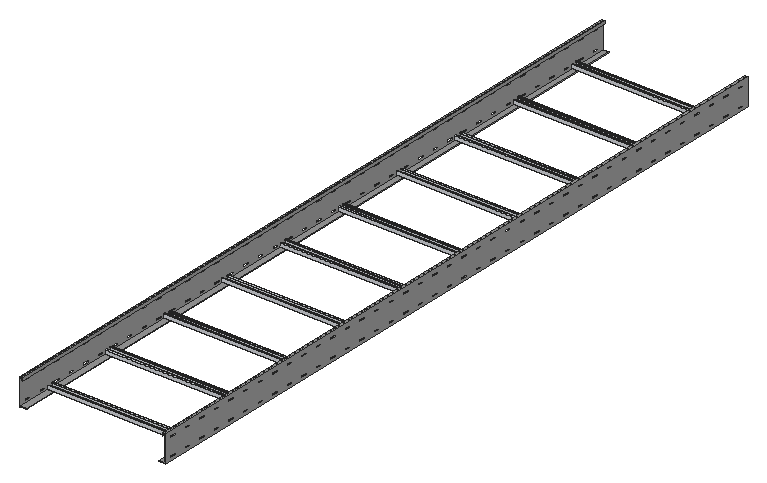
Revit family "Kabelleiter SLCS 1160 3 FTSO", category Generic Models, Revit 2017 (continued)
Dimensions and locks
  equal spacing: group 1, group 2, group 3, group 4, group 5, group 6, group 7, group 8, group 9, group 10, group 11, group 12, group 13, group 14, group 15, group 16, group 17, group 18, group 19, group 20, group 21, group 22, group 23, group 24, group 25, group 26, group 27, group 28, group 29, group 30, group 31, group 32, group 33, group 34, group 35, group 36, group 37, group 38, group 39  (x3)
  locked: Extrusion 11 sketch curve to Extrusion 11 sketch curve at 28
  locked: Extrusion 11 sketch curve to plane 41 at 14
  locked: Extrusion 11 sketch curve to Extrusion 11 sketch curve at 9
  locked: plane 40 to Extrusion 11 sketch curve at 4.5
  locked: Extrusion 12 sketch curve to Extrusion 12 sketch curve at 28
  locked: Extrusion 12 sketch curve to plane 43 at 14
  locked: Extrusion 12 sketch curve to Extrusion 12 sketch curve at 9
  locked: plane 42 to Extrusion 12 sketch curve at 4.5
  locked: Extrusion 13 sketch curve to Extrusion 13 sketch curve at 28
  locked: Extrusion 13 sketch curve to plane 45 at 14
  locked: Extrusion 13 sketch curve to Extrusion 13 sketch curve at 9
  locked: plane 44 to Extrusion 13 sketch curve at 4.5
  locked: Extrusion 14 sketch curve to Extrusion 14 sketch curve at 28
  locked: Extrusion 14 sketch curve to plane 47 at 14
  locked: Extrusion 14 sketch curve to Extrusion 14 sketch curve at 9
  locked: plane 46 to Extrusion 14 sketch curve at 4.5
  locked: Extrusion 15 sketch curve to Extrusion 15 sketch curve at 28
  locked: Extrusion 15 sketch curve to plane 49 at 14
  locked: Extrusion 15 sketch curve to Extrusion 15 sketch curve at 9
  locked: plane 48 to Extrusion 15 sketch curve at 4.5
  locked: Extrusion 16 sketch curve to Extrusion 16 sketch curve at 28
  locked: Extrusion 16 sketch curve to plane 51 at 14
  locked: Extrusion 16 sketch curve to Extrusion 16 sketch curve at 9
  locked: plane 50 to Extrusion 16 sketch curve at 4.5
  locked: Extrusion 17 sketch curve to Extrusion 17 sketch curve at 28
  locked: Extrusion 17 sketch curve to plane 53 at 14
  locked: Extrusion 17 sketch curve to Extrusion 17 sketch curve at 9
  locked: plane 52 to Extrusion 17 sketch curve at 4.5
  locked: Extrusion 18 sketch curve to Extrusion 18 sketch curve at 28
  locked: Extrusion 18 sketch curve to plane 55 at 14
  locked: Extrusion 18 sketch curve to Extrusion 18 sketch curve at 9
  locked: plane 54 to Extrusion 18 sketch curve at 4.5
  locked: Extrusion 19 sketch curve to Extrusion 19 sketch curve at 28
  locked: Extrusion 19 sketch curve to plane 57 at 14
  locked: Extrusion 19 sketch curve to Extrusion 19 sketch curve at 9
  locked: plane 56 to Extrusion 19 sketch curve at 4.5
  locked: Extrusion 20 sketch curve to Extrusion 20 sketch curve at 28
  locked: Extrusion 20 sketch curve to plane 59 at 14
  locked: Extrusion 20 sketch curve to Extrusion 20 sketch curve at 9
  locked: plane 58 to Extrusion 20 sketch curve at 4.5
  locked: Extrusion 21 sketch curve to Extrusion 21 sketch curve at 28
  locked: Extrusion 21 sketch curve to plane 61 at 14
  locked: Extrusion 21 sketch curve to Extrusion 21 sketch curve at 9
  locked: plane 60 to Extrusion 21 sketch curve at 4.5
  locked: Extrusion 22 sketch curve to Extrusion 22 sketch curve at 28
  locked: Extrusion 22 sketch curve to plane 63 at 14
  locked: Extrusion 22 sketch curve to Extrusion 22 sketch curve at 9
  locked: plane 62 to Extrusion 22 sketch curve at 4.5
  locked: Extrusion 23 sketch curve to Extrusion 23 sketch curve at 28
  locked: Extrusion 23 sketch curve to plane 65 at 14
  locked: Extrusion 23 sketch curve to Extrusion 23 sketch curve at 9
  locked: plane 64 to Extrusion 23 sketch curve at 4.5
  locked: Extrusion 24 sketch curve to Extrusion 24 sketch curve at 28
  locked: Extrusion 24 sketch curve to plane 67 at 14
  locked: Extrusion 24 sketch curve to Extrusion 24 sketch curve at 9
  locked: plane 66 to Extrusion 24 sketch curve at 4.5
  locked: Extrusion 25 sketch curve to Extrusion 25 sketch curve at 28
  locked: Extrusion 25 sketch curve to plane 69 at 14
  locked: Extrusion 25 sketch curve to Extrusion 25 sketch curve at 9
  locked: plane 68 to Extrusion 25 sketch curve at 4.5
  locked: Extrusion 26 sketch curve to Extrusion 26 sketch curve at 28
  locked: Extrusion 26 sketch curve to plane 71 at 14
  locked: Extrusion 26 sketch curve to Extrusion 26 sketch curve at 9
  locked: plane 70 to Extrusion 26 sketch curve at 4.5
  locked: Extrusion 27 sketch curve to Extrusion 27 sketch curve at 28
  locked: Extrusion 27 sketch curve to plane 73 at 14
  locked: Extrusion 27 sketch curve to Extrusion 27 sketch curve at 9
  locked: plane 72 to Extrusion 27 sketch curve at 4.5
  locked: Extrusion 28 sketch curve to Extrusion 28 sketch curve at 28
  locked: Extrusion 28 sketch curve to plane 75 at 14
  locked: Extrusion 28 sketch curve to Extrusion 28 sketch curve at 9
  locked: plane 74 to Extrusion 28 sketch curve at 4.5
  locked: Extrusion 29 sketch curve to Extrusion 29 sketch curve at 28
  locked: Extrusion 29 sketch curve to plane 77 at 14
  locked: Extrusion 29 sketch curve to Extrusion 29 sketch curve at 9
  locked: plane 76 to Extrusion 29 sketch curve at 4.5
  locked: Extrusion 30 sketch curve to Extrusion 30 sketch curve at 28
  locked: Extrusion 30 sketch curve to plane 79 at 14
  locked: Extrusion 30 sketch curve to Extrusion 30 sketch curve at 9
  locked: plane 78 to Extrusion 30 sketch curve at 4.5
  locked: Extrusion 31 sketch curve to Extrusion 31 sketch curve at 28
  locked: Extrusion 31 sketch curve to plane 81 at 14
  locked: Extrusion 31 sketch curve to Extrusion 31 sketch curve at 9
  locked: plane 80 to Extrusion 31 sketch curve at 4.5
  locked: Extrusion 32 sketch curve to Extrusion 32 sketch curve at 28
  locked: Extrusion 32 sketch curve to plane 83 at 14
  locked: Extrusion 32 sketch curve to Extrusion 32 sketch curve at 9
  locked: plane 82 to Extrusion 32 sketch curve at 4.5
  locked: Extrusion 33 sketch curve to Extrusion 33 sketch curve at 28
  locked: Extrusion 33 sketch curve to plane 85 at 14
  locked: Extrusion 33 sketch curve to Extrusion 33 sketch curve at 9
  locked: plane 84 to Extrusion 33 sketch curve at 4.5
  locked: Extrusion 34 sketch curve to Extrusion 34 sketch curve at 28
  locked: Extrusion 34 sketch curve to plane 87 at 14
  locked: Extrusion 34 sketch curve to Extrusion 34 sketch curve at 9
  locked: plane 86 to Extrusion 34 sketch curve at 4.5
  locked: Extrusion 35 sketch curve to Extrusion 35 sketch curve at 28
  locked: Extrusion 35 sketch curve to plane 89 at 14
  locked: Extrusion 35 sketch curve to Extrusion 35 sketch curve at 9
  locked: plane 88 to Extrusion 35 sketch curve at 4.5
  locked: Extrusion 36 sketch curve to Extrusion 36 sketch curve at 28
  locked: Extrusion 36 sketch curve to plane 91 at 14
  locked: Extrusion 36 sketch curve to Extrusion 36 sketch curve at 9
  locked: plane 90 to Extrusion 36 sketch curve at 4.5
  locked: Extrusion 37 sketch curve to Extrusion 37 sketch curve at 28
  locked: Extrusion 37 sketch curve to plane 93 at 14
  locked: Extrusion 37 sketch curve to Extrusion 37 sketch curve at 9
  locked: plane 92 to Extrusion 37 sketch curve at 4.5
  locked: Extrusion 38 sketch curve to Extrusion 38 sketch curve at 28
  locked: Extrusion 38 sketch curve to plane 95 at 14
  locked: Extrusion 38 sketch curve to Extrusion 38 sketch curve at 9
  locked: plane 94 to Extrusion 38 sketch curve at 4.5
  locked: Extrusion 39 sketch curve to Extrusion 39 sketch curve at 28
  locked: Extrusion 39 sketch curve to plane 97 at 14
  locked: Extrusion 39 sketch curve to Extrusion 39 sketch curve at 9
  locked: plane 96 to Extrusion 39 sketch curve at 4.5
  locked: Extrusion 40 sketch curve to Extrusion 40 sketch curve at 28
  locked: Extrusion 40 sketch curve to plane 99 at 14
  locked: Extrusion 40 sketch curve to Extrusion 40 sketch curve at 9
  locked: plane 98 to Extrusion 40 sketch curve at 4.5
  locked: Extrusion 41 sketch curve to Extrusion 41 sketch curve at 28
  locked: Extrusion 41 sketch curve to plane 101 at 14
  locked: Extrusion 41 sketch curve to Extrusion 41 sketch curve at 9
  locked: plane 100 to Extrusion 41 sketch curve at 4.5
  locked: Extrusion 42 sketch curve to Extrusion 42 sketch curve at 28
  locked: Extrusion 42 sketch curve to plane 103 at 14
  locked: Extrusion 42 sketch curve to Extrusion 42 sketch curve at 9
  locked: plane 102 to Extrusion 42 sketch curve at 4.5
  locked: Extrusion 43 sketch curve to Extrusion 43 sketch curve at 28
  locked: Extrusion 43 sketch curve to plane 105 at 14
  locked: Extrusion 43 sketch curve to Extrusion 43 sketch curve at 9
  locked: plane 104 to Extrusion 43 sketch curve at 4.5
  locked: Extrusion 44 sketch curve to Extrusion 44 sketch curve at 28
  locked: Extrusion 44 sketch curve to plane 107 at 14
  locked: Extrusion 44 sketch curve to Extrusion 44 sketch curve at 9
  locked: plane 106 to Extrusion 44 sketch curve at 4.5
  locked: Extrusion 45 sketch curve to Extrusion 45 sketch curve at 28
  locked: Extrusion 45 sketch curve to plane 109 at 14
  locked: Extrusion 45 sketch curve to Extrusion 45 sketch curve at 9
  locked: plane 108 to Extrusion 45 sketch curve at 4.5
  locked: Extrusion 46 sketch curve to Extrusion 46 sketch curve at 28
  locked: Extrusion 46 sketch curve to plane 111 at 14
  locked: Extrusion 46 sketch curve to Extrusion 46 sketch curve at 9
  locked: plane 110 to Extrusion 46 sketch curve at 4.5
  locked: Extrusion 47 sketch curve to Extrusion 47 sketch curve at 28
  locked: Extrusion 47 sketch curve to plane 113 at 14
  locked: Extrusion 47 sketch curve to Extrusion 47 sketch curve at 9
  locked: plane 112 to Extrusion 47 sketch curve at 4.5
  locked: Extrusion 48 sketch curve to Extrusion 48 sketch curve at 28
  locked: Extrusion 48 sketch curve to plane 115 at 14
  locked: Extrusion 48 sketch curve to Extrusion 48 sketch curve at 9
  locked: plane 114 to Extrusion 48 sketch curve at 4.5
  locked: Extrusion 49 sketch curve to Extrusion 49 sketch curve at 28
  locked: Extrusion 49 sketch curve to plane 117 at 14
  locked: Extrusion 49 sketch curve to Extrusion 49 sketch curve at 9
  locked: plane 116 to Extrusion 49 sketch curve at 4.5
  locked: Extrusion 50 sketch curve to Extrusion 50 sketch curve at 28
  locked: Extrusion 50 sketch curve to plane 119 at 14
  locked: Extrusion 50 sketch curve to Extrusion 50 sketch curve at 9
  locked: plane 118 to Extrusion 50 sketch curve at 4.5
  locked: Extrusion 51 sketch curve to Extrusion 51 sketch curve at 28
  locked: Extrusion 51 sketch curve to plane 121 at 14
  locked: Extrusion 51 sketch curve to Extrusion 51 sketch curve at 9
  locked: plane 120 to Extrusion 51 sketch curve at 4.5
  locked: Extrusion 52 sketch curve to Extrusion 52 sketch curve at 28
  locked: Extrusion 52 sketch curve to plane 123 at 14
  locked: Extrusion 52 sketch curve to Extrusion 52 sketch curve at 9
  locked: plane 122 to Extrusion 52 sketch curve at 4.5
  locked: Extrusion 53 sketch curve to Extrusion 53 sketch curve at 28
  locked: Extrusion 53 sketch curve to plane 125 at 14
  locked: Extrusion 53 sketch curve to Extrusion 53 sketch curve at 9
  locked: plane 124 to Extrusion 53 sketch curve at 4.5
  locked: Extrusion 54 sketch curve to Extrusion 54 sketch curve at 28
  locked: Extrusion 54 sketch curve to plane 127 at 14
  locked: Extrusion 54 sketch curve to Extrusion 54 sketch curve at 9
  locked: plane 126 to Extrusion 54 sketch curve at 4.5
  locked: Extrusion 55 sketch curve to Extrusion 55 sketch curve at 28
  locked: Extrusion 55 sketch curve to plane 129 at 14
  locked: Extrusion 55 sketch curve to Extrusion 55 sketch curve at 9
  locked: plane 128 to Extrusion 55 sketch curve at 4.5
  locked: Extrusion 56 sketch curve to Extrusion 56 sketch curve at 28
  locked: Extrusion 56 sketch curve to plane 131 at 14
  locked: Extrusion 56 sketch curve to Extrusion 56 sketch curve at 9
  locked: plane 130 to Extrusion 56 sketch curve at 4.5
  locked: Extrusion 57 sketch curve to Extrusion 57 sketch curve at 28
  locked: Extrusion 57 sketch curve to plane 133 at 14
  locked: Extrusion 57 sketch curve to Extrusion 57 sketch curve at 9
  locked: plane 132 to Extrusion 57 sketch curve at 4.5
  locked: Extrusion 58 sketch curve to Extrusion 58 sketch curve at 28
  locked: Extrusion 58 sketch curve to plane 135 at 14
  locked: Extrusion 58 sketch curve to Extrusion 58 sketch curve at 9
  locked: plane 134 to Extrusion 58 sketch curve at 4.5
  locked: Extrusion 59 sketch curve to Extrusion 59 sketch curve at 28
  locked: Extrusion 59 sketch curve to plane 137 at 14
  locked: Extrusion 59 sketch curve to Extrusion 59 sketch curve at 9
  locked: plane 136 to Extrusion 59 sketch curve at 4.5
  locked: Extrusion 60 sketch curve to Extrusion 60 sketch curve at 28
  locked: Extrusion 60 sketch curve to plane 139 at 14
  locked: Extrusion 60 sketch curve to Extrusion 60 sketch curve at 9
  locked: plane 138 to Extrusion 60 sketch curve at 4.5
  locked: Extrusion 61 sketch curve to Extrusion 61 sketch curve at 28
  locked: Extrusion 61 sketch curve to plane 141 at 14
  locked: Extrusion 61 sketch curve to Extrusion 61 sketch curve at 9
  locked: plane 140 to Extrusion 61 sketch curve at 4.5
  locked: Extrusion 62 sketch curve to Extrusion 62 sketch curve at 28
  locked: Extrusion 62 sketch curve to plane 143 at 14
  locked: Extrusion 62 sketch curve to Extrusion 62 sketch curve at 9
  locked: plane 142 to Extrusion 62 sketch curve at 4.5
  locked: Extrusion 63 sketch curve to Extrusion 63 sketch curve at 28
  locked: Extrusion 63 sketch curve to plane 145 at 14
  locked: Extrusion 63 sketch curve to Extrusion 63 sketch curve at 9
  locked: plane 144 to Extrusion 63 sketch curve at 4.5
  locked: Extrusion 64 sketch curve to Extrusion 64 sketch curve at 28
  locked: Extrusion 64 sketch curve to plane 147 at 14
  locked: Extrusion 64 sketch curve to Extrusion 64 sketch curve at 9
  locked: plane 146 to Extrusion 64 sketch curve at 4.5
  locked: Extrusion 65 sketch curve to Extrusion 65 sketch curve at 28
  locked: Extrusion 65 sketch curve to plane 149 at 14
  locked: Extrusion 65 sketch curve to Extrusion 65 sketch curve at 9
  locked: plane 148 to Extrusion 65 sketch curve at 4.5
  locked: Extrusion 66 sketch curve to Extrusion 66 sketch curve at 28
  locked: Extrusion 66 sketch curve to plane 151 at 14
  locked: Extrusion 66 sketch curve to Extrusion 66 sketch curve at 9
  locked: plane 150 to Extrusion 66 sketch curve at 4.5
  locked: Extrusion 67 sketch curve to Extrusion 67 sketch curve at 28
  locked: Extrusion 67 sketch curve to plane 153 at 14
  locked: Extrusion 67 sketch curve to Extrusion 67 sketch curve at 9
  locked: plane 152 to Extrusion 67 sketch curve at 4.5
  locked: Extrusion 68 sketch curve to Extrusion 68 sketch curve at 28
  locked: Extrusion 68 sketch curve to plane 155 at 14
  locked: Extrusion 68 sketch curve to Extrusion 68 sketch curve at 9
  locked: plane 154 to Extrusion 68 sketch curve at 4.5
  locked: Extrusion 69 sketch curve to Extrusion 69 sketch curve at 28
  locked: Extrusion 69 sketch curve to plane 157 at 14
  locked: Extrusion 69 sketch curve to Extrusion 69 sketch curve at 9
  locked: plane 156 to Extrusion 69 sketch curve at 4.5
  locked: Extrusion 70 sketch curve to Extrusion 70 sketch curve at 28
  locked: Extrusion 70 sketch curve to plane 159 at 14
  locked: Extrusion 70 sketch curve to Extrusion 70 sketch curve at 9
  locked: plane 158 to Extrusion 70 sketch curve at 4.5
  locked: Extrusion 71 sketch curve to Extrusion 71 sketch curve at 28
  locked: Extrusion 71 sketch curve to plane 161 at 14
  locked: Extrusion 71 sketch curve to Extrusion 71 sketch curve at 9
  locked: plane 160 to Extrusion 71 sketch curve at 4.5
  locked: Extrusion 72 sketch curve to Extrusion 72 sketch curve at 28
  locked: Extrusion 72 sketch curve to plane 163 at 14
  locked: Extrusion 72 sketch curve to Extrusion 72 sketch curve at 9
  locked: plane 162 to Extrusion 72 sketch curve at 4.5
  locked: Extrusion 73 sketch curve to Extrusion 73 sketch curve at 28
  locked: Extrusion 73 sketch curve to plane 165 at 14
  locked: Extrusion 73 sketch curve to Extrusion 73 sketch curve at 9
  locked: plane 164 to Extrusion 73 sketch curve at 4.5
  locked: Extrusion 74 sketch curve to Extrusion 74 sketch curve at 28
  locked: Extrusion 74 sketch curve to plane 167 at 14
  locked: Extrusion 74 sketch curve to Extrusion 74 sketch curve at 9
  locked: plane 166 to Extrusion 74 sketch curve at 4.5
  locked: Extrusion 75 sketch curve to Extrusion 75 sketch curve at 28
  locked: Extrusion 75 sketch curve to plane 169 at 14
  locked: Extrusion 75 sketch curve to Extrusion 75 sketch curve at 9
  locked: plane 168 to Extrusion 75 sketch curve at 4.5
  locked: Extrusion 76 sketch curve to Extrusion 76 sketch curve at 28
  locked: Extrusion 76 sketch curve to plane 171 at 14
  locked: Extrusion 76 sketch curve to Extrusion 76 sketch curve at 9
  locked: plane 170 to Extrusion 76 sketch curve at 4.5
  locked: Extrusion 77 sketch curve to Extrusion 77 sketch curve at 28
  locked: Extrusion 77 sketch curve to plane 173 at 14
  locked: Extrusion 77 sketch curve to Extrusion 77 sketch curve at 9
  locked: plane 172 to Extrusion 77 sketch curve at 4.5
  locked: Extrusion 78 sketch curve to Extrusion 78 sketch curve at 28
  locked: Extrusion 78 sketch curve to plane 175 at 14
  locked: Extrusion 78 sketch curve to Extrusion 78 sketch curve at 9
  locked: plane 174 to Extrusion 78 sketch curve at 4.5
  locked: Extrusion 79 sketch curve to Extrusion 79 sketch curve at 28
  locked: Extrusion 79 sketch curve to plane 177 at 14
  locked: Extrusion 79 sketch curve to Extrusion 79 sketch curve at 9
  locked: plane 176 to Extrusion 79 sketch curve at 4.5
  locked: Extrusion 80 sketch curve to Extrusion 80 sketch curve at 28
  locked: Extrusion 80 sketch curve to plane 179 at 14
  locked: Extrusion 80 sketch curve to Extrusion 80 sketch curve at 9
  locked: plane 178 to Extrusion 80 sketch curve at 4.5
  locked: Extrusion 81 sketch curve to Extrusion 81 sketch curve at 28
  locked: Extrusion 81 sketch curve to plane 181 at 14
  locked: Extrusion 81 sketch curve to Extrusion 81 sketch curve at 9
  locked: plane 180 to Extrusion 81 sketch curve at 4.5
  locked: Extrusion 82 sketch curve to Extrusion 82 sketch curve at 28
  locked: Extrusion 82 sketch curve to plane 183 at 14
  locked: Extrusion 82 sketch curve to Extrusion 82 sketch curve at 9
  locked: plane 182 to Extrusion 82 sketch curve at 4.5
  locked: Extrusion 83 sketch curve to Extrusion 83 sketch curve at 28
  locked: Extrusion 83 sketch curve to plane 185 at 14
  locked: Extrusion 83 sketch curve to Extrusion 83 sketch curve at 9
  locked: plane 184 to Extrusion 83 sketch curve at 4.5
  locked: Extrusion 84 sketch curve to Extrusion 84 sketch curve at 28
  locked: Extrusion 84 sketch curve to plane 187 at 14
  locked: Extrusion 84 sketch curve to Extrusion 84 sketch curve at 9
  locked: plane 186 to Extrusion 84 sketch curve at 4.5
  locked: Extrusion 85 sketch curve to Extrusion 85 sketch curve at 8.019
  locked: plane 188 to Extrusion 85 sketch curve at 4
  locked: Extrusion 85 sketch curve to Extrusion 85 sketch curve at 28
  locked: plane 189 to Extrusion 85 sketch curve at 14
  locked: Extrusion 86 sketch curve to Extrusion 86 sketch curve at 8.019
  locked: plane 190 to Extrusion 86 sketch curve at 4
  locked: Extrusion 86 sketch curve to Extrusion 86 sketch curve at 28
  locked: plane 191 to Extrusion 86 sketch curve at 14
  locked: Extrusion 87 sketch curve to Extrusion 87 sketch curve at 8.019
  locked: plane 192 to Extrusion 87 sketch curve at 4
  locked: Extrusion 87 sketch curve to Extrusion 87 sketch curve at 28
  locked: plane 193 to Extrusion 87 sketch curve at 14
  locked: Extrusion 88 sketch curve to Extrusion 88 sketch curve at 8.019
  locked: plane 194 to Extrusion 88 sketch curve at 4
  locked: Extrusion 88 sketch curve to Extrusion 88 sketch curve at 28
  locked: plane 195 to Extrusion 88 sketch curve at 14
  group 40 to group 41 = 0 mm  (x2)
  group 40 to group 41 = 75 mm
  locked: Extrusion 89 sketch curve to Extrusion 89 sketch curve at 8.019
  locked: plane 196 to Extrusion 89 sketch curve at 4
  locked: Extrusion 89 sketch curve to Extrusion 89 sketch curve at 28
  locked: plane 197 to Extrusion 89 sketch curve at 14
  locked: Extrusion 90 sketch curve to Extrusion 90 sketch curve at 8.019
  locked: plane 198 to Extrusion 90 sketch curve at 4
  locked: Extrusion 90 sketch curve to Extrusion 90 sketch curve at 28
  locked: plane 199 to Extrusion 90 sketch curve at 14
  equal spacing: group 41, group 42, group 43, group 44, group 45, group 46, group 47, group 48, group 49, group 50, group 51, group 52, group 53, group 54, group 55, group 56, group 57, group 58, group 59, group 60, group 61, group 62, group 63, group 64, group 65, group 66, group 67, group 68, group 69, group 70, group 71, group 72, group 73, group 74, group 75, group 76, group 77, group 78, group 79  (x3)
  locked: Extrusion 91 sketch curve to Extrusion 91 sketch curve at 8.019
  locked: plane 200 to Extrusion 91 sketch curve at 4
  locked: Extrusion 91 sketch curve to Extrusion 91 sketch curve at 28
  locked: plane 201 to Extrusion 91 sketch curve at 14
  locked: Extrusion 92 sketch curve to Extrusion 92 sketch curve at 8.019
  locked: plane 202 to Extrusion 92 sketch curve at 4
  locked: Extrusion 92 sketch curve to Extrusion 92 sketch curve at 28
  locked: plane 203 to Extrusion 92 sketch curve at 14
  locked: Extrusion 93 sketch curve to Extrusion 93 sketch curve at 8.019
  locked: plane 204 to Extrusion 93 sketch curve at 4
  locked: Extrusion 93 sketch curve to Extrusion 93 sketch curve at 28
  locked: plane 205 to Extrusion 93 sketch curve at 14
  locked: Extrusion 94 sketch curve to Extrusion 94 sketch curve at 8.019
  locked: plane 206 to Extrusion 94 sketch curve at 4
  locked: Extrusion 94 sketch curve to Extrusion 94 sketch curve at 28
  locked: plane 207 to Extrusion 94 sketch curve at 14
  locked: Extrusion 95 sketch curve to Extrusion 95 sketch curve at 8.019
  locked: plane 208 to Extrusion 95 sketch curve at 4
  locked: Extrusion 95 sketch curve to Extrusion 95 sketch curve at 28
  locked: plane 209 to Extrusion 95 sketch curve at 14
  locked: Extrusion 96 sketch curve to Extrusion 96 sketch curve at 8.019
  locked: plane 210 to Extrusion 96 sketch curve at 4
  locked: Extrusion 96 sketch curve to Extrusion 96 sketch curve at 28
  locked: plane 211 to Extrusion 96 sketch curve at 14
  locked: Extrusion 97 sketch curve to Extrusion 97 sketch curve at 8.019
  locked: plane 212 to Extrusion 97 sketch curve at 4
  locked: Extrusion 97 sketch curve to Extrusion 97 sketch curve at 28
  locked: plane 213 to Extrusion 97 sketch curve at 14
  locked: Extrusion 98 sketch curve to Extrusion 98 sketch curve at 8.019
  locked: plane 214 to Extrusion 98 sketch curve at 4
  locked: Extrusion 98 sketch curve to Extrusion 98 sketch curve at 28
  locked: plane 215 to Extrusion 98 sketch curve at 14
  locked: Extrusion 99 sketch curve to Extrusion 99 sketch curve at 8.019
  locked: plane 216 to Extrusion 99 sketch curve at 4
  locked: Extrusion 99 sketch curve to Extrusion 99 sketch curve at 28
  locked: plane 217 to Extrusion 99 sketch curve at 14
  locked: Extrusion 100 sketch curve to Extrusion 100 sketch curve at 8.019
  locked: plane 218 to Extrusion 100 sketch curve at 4
  locked: Extrusion 100 sketch curve to Extrusion 100 sketch curve at 28
  locked: plane 219 to Extrusion 100 sketch curve at 14
  locked: Extrusion 101 sketch curve to Extrusion 101 sketch curve at 8.019
  locked: plane 220 to Extrusion 101 sketch curve at 4
  locked: Extrusion 101 sketch curve to Extrusion 101 sketch curve at 28
  locked: plane 221 to Extrusion 101 sketch curve at 14
  locked: Extrusion 102 sketch curve to Extrusion 102 sketch curve at 8.019
  locked: plane 222 to Extrusion 102 sketch curve at 4
  locked: Extrusion 102 sketch curve to Extrusion 102 sketch curve at 28
  locked: plane 223 to Extrusion 102 sketch curve at 14
  locked: Extrusion 103 sketch curve to Extrusion 103 sketch curve at 8.019
  locked: plane 224 to Extrusion 103 sketch curve at 4
  locked: Extrusion 103 sketch curve to Extrusion 103 sketch curve at 28
  locked: plane 225 to Extrusion 103 sketch curve at 14
  locked: Extrusion 104 sketch curve to Extrusion 104 sketch curve at 8.019
  locked: plane 226 to Extrusion 104 sketch curve at 4
  locked: Extrusion 104 sketch curve to Extrusion 104 sketch curve at 28
  locked: plane 227 to Extrusion 104 sketch curve at 14
  locked: Extrusion 105 sketch curve to Extrusion 105 sketch curve at 8.019
  locked: plane 228 to Extrusion 105 sketch curve at 4
  locked: Extrusion 105 sketch curve to Extrusion 105 sketch curve at 28
  locked: plane 229 to Extrusion 105 sketch curve at 14
  locked: Extrusion 106 sketch curve to Extrusion 106 sketch curve at 8.019
  locked: plane 230 to Extrusion 106 sketch curve at 4
  locked: Extrusion 106 sketch curve to Extrusion 106 sketch curve at 28
  locked: plane 231 to Extrusion 106 sketch curve at 14
  locked: Extrusion 107 sketch curve to Extrusion 107 sketch curve at 8.019
  locked: plane 232 to Extrusion 107 sketch curve at 4
  locked: Extrusion 107 sketch curve to Extrusion 107 sketch curve at 28
  locked: plane 233 to Extrusion 107 sketch curve at 14
  locked: Extrusion 108 sketch curve to Extrusion 108 sketch curve at 8.019
  locked: plane 234 to Extrusion 108 sketch curve at 4
  locked: Extrusion 108 sketch curve to Extrusion 108 sketch curve at 28
  locked: plane 235 to Extrusion 108 sketch curve at 14
  locked: Extrusion 109 sketch curve to Extrusion 109 sketch curve at 8.019
  locked: plane 236 to Extrusion 109 sketch curve at 4
  locked: Extrusion 109 sketch curve to Extrusion 109 sketch curve at 28
  locked: plane 237 to Extrusion 109 sketch curve at 14
  locked: Extrusion 110 sketch curve to Extrusion 110 sketch curve at 8.019
  locked: plane 238 to Extrusion 110 sketch curve at 4
  locked: Extrusion 110 sketch curve to Extrusion 110 sketch curve at 28
  locked: plane 239 to Extrusion 110 sketch curve at 14
  locked: Extrusion 111 sketch curve to Extrusion 111 sketch curve at 8.019
  locked: plane 240 to Extrusion 111 sketch curve at 4
  locked: Extrusion 111 sketch curve to Extrusion 111 sketch curve at 28
  locked: plane 241 to Extrusion 111 sketch curve at 14
  locked: Extrusion 112 sketch curve to Extrusion 112 sketch curve at 8.019
  locked: plane 242 to Extrusion 112 sketch curve at 4
  locked: Extrusion 112 sketch curve to Extrusion 112 sketch curve at 28
  locked: plane 243 to Extrusion 112 sketch curve at 14
  locked: Extrusion 113 sketch curve to Extrusion 113 sketch curve at 8.019
  locked: plane 244 to Extrusion 113 sketch curve at 4
  locked: Extrusion 113 sketch curve to Extrusion 113 sketch curve at 28
  locked: plane 245 to Extrusion 113 sketch curve at 14
  locked: Extrusion 114 sketch curve to Extrusion 114 sketch curve at 8.019
  locked: plane 246 to Extrusion 114 sketch curve at 4
  locked: Extrusion 114 sketch curve to Extrusion 114 sketch curve at 28
  locked: plane 247 to Extrusion 114 sketch curve at 14
  locked: Extrusion 115 sketch curve to Extrusion 115 sketch curve at 8.019
  locked: plane 248 to Extrusion 115 sketch curve at 4
  locked: Extrusion 115 sketch curve to Extrusion 115 sketch curve at 28
  locked: plane 249 to Extrusion 115 sketch curve at 14
  locked: Extrusion 116 sketch curve to Extrusion 116 sketch curve at 8.019
  locked: plane 250 to Extrusion 116 sketch curve at 4
  locked: Extrusion 116 sketch curve to Extrusion 116 sketch curve at 28
  locked: plane 251 to Extrusion 116 sketch curve at 14
  locked: Extrusion 117 sketch curve to Extrusion 117 sketch curve at 8.019
  locked: plane 252 to Extrusion 117 sketch curve at 4
  locked: Extrusion 117 sketch curve to Extrusion 117 sketch curve at 28
  locked: plane 253 to Extrusion 117 sketch curve at 14
  locked: Extrusion 118 sketch curve to Extrusion 118 sketch curve at 8.019
  locked: plane 254 to Extrusion 118 sketch curve at 4
  locked: Extrusion 118 sketch curve to Extrusion 118 sketch curve at 28
  locked: plane 255 to Extrusion 118 sketch curve at 14
  locked: Extrusion 119 sketch curve to Extrusion 119 sketch curve at 8.019
  locked: plane 256 to Extrusion 119 sketch curve at 4
  locked: Extrusion 119 sketch curve to Extrusion 119 sketch curve at 28
  locked: plane 257 to Extrusion 119 sketch curve at 14
  locked: Extrusion 120 sketch curve to Extrusion 120 sketch curve at 8.019
  locked: plane 258 to Extrusion 120 sketch curve at 4
  locked: Extrusion 120 sketch curve to Extrusion 120 sketch curve at 28
  locked: plane 259 to Extrusion 120 sketch curve at 14
  locked: Extrusion 121 sketch curve to Extrusion 121 sketch curve at 8.019
  locked: plane 260 to Extrusion 121 sketch curve at 4
  locked: Extrusion 121 sketch curve to Extrusion 121 sketch curve at 28
  locked: plane 261 to Extrusion 121 sketch curve at 14
  locked: Extrusion 122 sketch curve to Extrusion 122 sketch curve at 8.019
  locked: plane 262 to Extrusion 122 sketch curve at 4
  locked: Extrusion 122 sketch curve to Extrusion 122 sketch curve at 28
  locked: plane 263 to Extrusion 122 sketch curve at 14
  locked: Extrusion 123 sketch curve to Extrusion 123 sketch curve at 8.019
  locked: plane 264 to Extrusion 123 sketch curve at 4
  locked: Extrusion 123 sketch curve to Extrusion 123 sketch curve at 28
  locked: plane 265 to Extrusion 123 sketch curve at 14
  locked: Extrusion 124 sketch curve to Extrusion 124 sketch curve at 8.019
  locked: plane 266 to Extrusion 124 sketch curve at 4
  locked: Extrusion 124 sketch curve to Extrusion 124 sketch curve at 28
  locked: plane 267 to Extrusion 124 sketch curve at 14
  locked: Extrusion 125 sketch curve to Extrusion 125 sketch curve at 8.019
  locked: plane 268 to Extrusion 125 sketch curve at 4
  locked: Extrusion 125 sketch curve to Extrusion 125 sketch curve at 28
  locked: plane 269 to Extrusion 125 sketch curve at 14
  locked: Extrusion 126 sketch curve to Extrusion 126 sketch curve at 8.019
  locked: plane 270 to Extrusion 126 sketch curve at 4
  locked: Extrusion 126 sketch curve to Extrusion 126 sketch curve at 28
  locked: plane 271 to Extrusion 126 sketch curve at 14
  locked: Extrusion 127 sketch curve to Extrusion 127 sketch curve at 8.019
  locked: plane 272 to Extrusion 127 sketch curve at 4
  locked: Extrusion 127 sketch curve to Extrusion 127 sketch curve at 28
  locked: plane 273 to Extrusion 127 sketch curve at 14
  locked: Extrusion 128 sketch curve to Extrusion 128 sketch curve at 8.019
  locked: plane 274 to Extrusion 128 sketch curve at 4
  locked: Extrusion 128 sketch curve to Extrusion 128 sketch curve at 28
  locked: plane 275 to Extrusion 128 sketch curve at 14
  locked: Extrusion 129 sketch curve to Extrusion 129 sketch curve at 8.019
  locked: plane 276 to Extrusion 129 sketch curve at 4
  locked: Extrusion 129 sketch curve to Extrusion 129 sketch curve at 28
  locked: plane 277 to Extrusion 129 sketch curve at 14
  locked: Extrusion 130 sketch curve to Extrusion 130 sketch curve at 8.019
  locked: plane 278 to Extrusion 130 sketch curve at 4
  locked: Extrusion 130 sketch curve to Extrusion 130 sketch curve at 28
  locked: plane 279 to Extrusion 130 sketch curve at 14
  locked: Extrusion 131 sketch curve to Extrusion 131 sketch curve at 8.019
  locked: plane 280 to Extrusion 131 sketch curve at 4
  locked: Extrusion 131 sketch curve to Extrusion 131 sketch curve at 28
  locked: plane 281 to Extrusion 131 sketch curve at 14
  locked: Extrusion 132 sketch curve to Extrusion 132 sketch curve at 8.019
  locked: plane 282 to Extrusion 132 sketch curve at 4
  locked: Extrusion 132 sketch curve to Extrusion 132 sketch curve at 28
  locked: plane 283 to Extrusion 132 sketch curve at 14
  locked: Extrusion 133 sketch curve to Extrusion 133 sketch curve at 8.019
  locked: plane 284 to Extrusion 133 sketch curve at 4
  locked: Extrusion 133 sketch curve to Extrusion 133 sketch curve at 28
  locked: plane 285 to Extrusion 133 sketch curve at 14
  locked: Extrusion 134 sketch curve to Extrusion 134 sketch curve at 8.019
  locked: plane 286 to Extrusion 134 sketch curve at 4
  locked: Extrusion 134 sketch curve to Extrusion 134 sketch curve at 28
  locked: plane 287 to Extrusion 134 sketch curve at 14
  locked: Extrusion 135 sketch curve to Extrusion 135 sketch curve at 8.019
  locked: plane 288 to Extrusion 135 sketch curve at 4
  locked: Extrusion 135 sketch curve to Extrusion 135 sketch curve at 28
  locked: plane 289 to Extrusion 135 sketch curve at 14
  locked: Extrusion 136 sketch curve to Extrusion 136 sketch curve at 8.019
  locked: plane 290 to Extrusion 136 sketch curve at 4
  locked: Extrusion 136 sketch curve to Extrusion 136 sketch curve at 28
  locked: plane 291 to Extrusion 136 sketch curve at 14
  locked: Extrusion 137 sketch curve to Extrusion 137 sketch curve at 8.019
  locked: plane 292 to Extrusion 137 sketch curve at 4
  locked: Extrusion 137 sketch curve to Extrusion 137 sketch curve at 28
  locked: plane 293 to Extrusion 137 sketch curve at 14
  locked: Extrusion 138 sketch curve to Extrusion 138 sketch curve at 8.019
  locked: plane 294 to Extrusion 138 sketch curve at 4
  locked: Extrusion 138 sketch curve to Extrusion 138 sketch curve at 28
  locked: plane 295 to Extrusion 138 sketch curve at 14
  locked: Extrusion 139 sketch curve to Extrusion 139 sketch curve at 8.019
  locked: plane 296 to Extrusion 139 sketch curve at 4
  locked: Extrusion 139 sketch curve to Extrusion 139 sketch curve at 28
  locked: plane 297 to Extrusion 139 sketch curve at 14
  locked: Extrusion 140 sketch curve to Extrusion 140 sketch curve at 8.019
  locked: plane 298 to Extrusion 140 sketch curve at 4
  locked: Extrusion 140 sketch curve to Extrusion 140 sketch curve at 28
  locked: plane 299 to Extrusion 140 sketch curve at 14
  locked: Extrusion 141 sketch curve to Extrusion 141 sketch curve at 8.019
  locked: plane 300 to Extrusion 141 sketch curve at 4
  locked: Extrusion 141 sketch curve to Extrusion 141 sketch curve at 28
  locked: plane 301 to Extrusion 141 sketch curve at 14
  locked: Extrusion 142 sketch curve to Extrusion 142 sketch curve at 8.019
  locked: plane 302 to Extrusion 142 sketch curve at 4
  locked: Extrusion 142 sketch curve to Extrusion 142 sketch curve at 28
  locked: plane 303 to Extrusion 142 sketch curve at 14
  locked: Extrusion 143 sketch curve to Extrusion 143 sketch curve at 8.019
  locked: plane 304 to Extrusion 143 sketch curve at 4
  locked: Extrusion 143 sketch curve to Extrusion 143 sketch curve at 28
  locked: plane 305 to Extrusion 143 sketch curve at 14
  locked: Extrusion 144 sketch curve to Extrusion 144 sketch curve at 8.019
  locked: plane 306 to Extrusion 144 sketch curve at 4
  locked: Extrusion 144 sketch curve to Extrusion 144 sketch curve at 28
  locked: plane 307 to Extrusion 144 sketch curve at 14
  locked: Extrusion 145 sketch curve to Extrusion 145 sketch curve at 8.019
  locked: plane 308 to Extrusion 145 sketch curve at 4
  locked: Extrusion 145 sketch curve to Extrusion 145 sketch curve at 28
  locked: plane 309 to Extrusion 145 sketch curve at 14
  locked: Extrusion 146 sketch curve to Extrusion 146 sketch curve at 8.019
  locked: plane 310 to Extrusion 146 sketch curve at 4
  locked: Extrusion 146 sketch curve to Extrusion 146 sketch curve at 28
  locked: plane 311 to Extrusion 146 sketch curve at 14
  locked: Extrusion 147 sketch curve to Extrusion 147 sketch curve at 8.019
  locked: plane 312 to Extrusion 147 sketch curve at 4
  locked: Extrusion 147 sketch curve to Extrusion 147 sketch curve at 28
  locked: plane 313 to Extrusion 147 sketch curve at 14
  locked: Extrusion 148 sketch curve to Extrusion 148 sketch curve at 8.019
  locked: plane 314 to Extrusion 148 sketch curve at 4
  locked: Extrusion 148 sketch curve to Extrusion 148 sketch curve at 28
  locked: plane 315 to Extrusion 148 sketch curve at 14
  locked: Extrusion 149 sketch curve to Extrusion 149 sketch curve at 8.019
  locked: plane 316 to Extrusion 149 sketch curve at 4
  locked: Extrusion 149 sketch curve to Extrusion 149 sketch curve at 28
  locked: plane 317 to Extrusion 149 sketch curve at 14
  locked: Extrusion 150 sketch curve to Extrusion 150 sketch curve at 8.019
  locked: plane 318 to Extrusion 150 sketch curve at 4
  locked: Extrusion 150 sketch curve to Extrusion 150 sketch curve at 28
  locked: plane 319 to Extrusion 150 sketch curve at 14
  locked: Extrusion 151 sketch curve to Extrusion 151 sketch curve at 8.019
  locked: plane 320 to Extrusion 151 sketch curve at 4
  locked: Extrusion 151 sketch curve to Extrusion 151 sketch curve at 28
  locked: plane 321 to Extrusion 151 sketch curve at 14
  locked: Extrusion 152 sketch curve to Extrusion 152 sketch curve at 8.019
  locked: plane 322 to Extrusion 152 sketch curve at 4
  locked: Extrusion 152 sketch curve to Extrusion 152 sketch curve at 28
  locked: plane 323 to Extrusion 152 sketch curve at 14
  locked: Extrusion 153 sketch curve to Extrusion 153 sketch curve at 8.019
  locked: plane 324 to Extrusion 153 sketch curve at 4
  locked: Extrusion 153 sketch curve to Extrusion 153 sketch curve at 28
  locked: plane 325 to Extrusion 153 sketch curve at 14
  locked: Extrusion 154 sketch curve to Extrusion 154 sketch curve at 8.019
  locked: plane 326 to Extrusion 154 sketch curve at 4
  locked: Extrusion 154 sketch curve to Extrusion 154 sketch curve at 28
  locked: plane 327 to Extrusion 154 sketch curve at 14
  locked: Extrusion 155 sketch curve to Extrusion 155 sketch curve at 8.019
  locked: plane 328 to Extrusion 155 sketch curve at 4
  locked: Extrusion 155 sketch curve to Extrusion 155 sketch curve at 28
  locked: plane 329 to Extrusion 155 sketch curve at 14
  locked: Extrusion 156 sketch curve to Extrusion 156 sketch curve at 8.019
  locked: plane 330 to Extrusion 156 sketch curve at 4
  locked: Extrusion 156 sketch curve to Extrusion 156 sketch curve at 28
  locked: plane 331 to Extrusion 156 sketch curve at 14
  locked: Extrusion 157 sketch curve to Extrusion 157 sketch curve at 8.019
  locked: plane 332 to Extrusion 157 sketch curve at 4
  locked: Extrusion 157 sketch curve to Extrusion 157 sketch curve at 28
  locked: plane 333 to Extrusion 157 sketch curve at 14
  locked: Extrusion 158 sketch curve to Extrusion 158 sketch curve at 8.019
  locked: plane 334 to Extrusion 158 sketch curve at 4
  locked: Extrusion 158 sketch curve to Extrusion 158 sketch curve at 28
  locked: plane 335 to Extrusion 158 sketch curve at 14
  locked: Extrusion 159 sketch curve to Extrusion 159 sketch curve at 8.019
  locked: plane 336 to Extrusion 159 sketch curve at 4
  locked: Extrusion 159 sketch curve to Extrusion 159 sketch curve at 28
  locked: plane 337 to Extrusion 159 sketch curve at 14
  locked: Extrusion 160 sketch curve to Extrusion 160 sketch curve at 8.019
  locked: plane 338 to Extrusion 160 sketch curve at 4
  locked: Extrusion 160 sketch curve to Extrusion 160 sketch curve at 28
  locked: plane 339 to Extrusion 160 sketch curve at 14
  locked: Extrusion 161 sketch curve to Extrusion 161 sketch curve at 8.019
  locked: plane 340 to Extrusion 161 sketch curve at 4
  locked: Extrusion 161 sketch curve to Extrusion 161 sketch curve at 28
  locked: plane 341 to Extrusion 161 sketch curve at 14
  locked: Extrusion 162 sketch curve to Extrusion 162 sketch curve at 8.019
  locked: plane 342 to Extrusion 162 sketch curve at 4
  locked: Extrusion 162 sketch curve to Extrusion 162 sketch curve at 28
  locked: plane 343 to Extrusion 162 sketch curve at 14
  locked: Extrusion 163 sketch curve to Extrusion 163 sketch curve at 8.019
  locked: plane 344 to Extrusion 163 sketch curve at 4
  locked: Extrusion 163 sketch curve to Extrusion 163 sketch curve at 28
  locked: plane 345 to Extrusion 163 sketch curve at 14
  locked: Extrusion 164 sketch curve to Extrusion 164 sketch curve at 8.019
  locked: plane 346 to Extrusion 164 sketch curve at 4
  locked: Extrusion 164 sketch curve to Extrusion 164 sketch curve at 28
  locked: plane 347 to Extrusion 164 sketch curve at 14
  locked: plane 352 to plane 348 at 6.2
  locked: plane 348 to plane 353 at 6.2
  locked: Extrusion 165 sketch curve to Extrusion 165 sketch curve at 30
  locked: Extrusion 165 sketch curve to Extrusion 165 sketch curve at 15  (x2)
  locked: Extrusion 165 sketch curve to Extrusion 165 sketch curve at 2  (x5)
  locked: plane 358 to plane 354 at 6.2
  locked: plane 354 to plane 359 at 6.2
  locked: Extrusion 166 sketch curve to Extrusion 166 sketch curve at 30
  locked: Extrusion 166 sketch curve to Extrusion 166 sketch curve at 15  (x2)
  locked: Extrusion 166 sketch curve to Extrusion 166 sketch curve at 2  (x5)
  locked: plane 364 to plane 360 at 6.2
  locked: plane 360 to plane 365 at 6.2
  locked: Extrusion 167 sketch curve to Extrusion 167 sketch curve at 30
  locked: Extrusion 167 sketch curve to Extrusion 167 sketch curve at 15  (x2)
  locked: Extrusion 167 sketch curve to Extrusion 167 sketch curve at 2  (x5)
  locked: plane 370 to plane 366 at 6.2
  locked: plane 366 to plane 371 at 6.2
  locked: Extrusion 168 sketch curve to Extrusion 168 sketch curve at 30
  locked: Extrusion 168 sketch curve to Extrusion 168 sketch curve at 15  (x2)
  locked: Extrusion 168 sketch curve to Extrusion 168 sketch curve at 2  (x5)
  locked: plane 376 to plane 372 at 6.2
  locked: plane 372 to plane 377 at 6.2
  locked: Extrusion 169 sketch curve to Extrusion 169 sketch curve at 30
  locked: Extrusion 169 sketch curve to Extrusion 169 sketch curve at 15  (x2)
  locked: Extrusion 169 sketch curve to Extrusion 169 sketch curve at 2  (x5)
  locked: plane 382 to plane 378 at 6.2
  locked: plane 378 to plane 383 at 6.2
  locked: Extrusion 170 sketch curve to Extrusion 170 sketch curve at 30
  locked: Extrusion 170 sketch curve to Extrusion 170 sketch curve at 15  (x2)
  locked: Extrusion 170 sketch curve to Extrusion 170 sketch curve at 2  (x5)
  locked: plane 388 to plane 384 at 6.2
  locked: plane 384 to plane 389 at 6.2
  locked: Extrusion 171 sketch curve to Extrusion 171 sketch curve at 30
  locked: Extrusion 171 sketch curve to Extrusion 171 sketch curve at 15  (x2)
  locked: Extrusion 171 sketch curve to Extrusion 171 sketch curve at 2  (x5)
  locked: plane 394 to plane 390 at 6.2
  locked: plane 390 to plane 395 at 6.2
  locked: Extrusion 172 sketch curve to Extrusion 172 sketch curve at 30
  locked: Extrusion 172 sketch curve to Extrusion 172 sketch curve at 15  (x2)
  locked: Extrusion 172 sketch curve to Extrusion 172 sketch curve at 2  (x5)
  locked: plane 400 to plane 396 at 6.2
  locked: plane 396 to plane 401 at 6.2
  locked: Extrusion 173 sketch curve to Extrusion 173 sketch curve at 30
  locked: Extrusion 173 sketch curve to Extrusion 173 sketch curve at 15  (x2)
  locked: Extrusion 173 sketch curve to Extrusion 173 sketch curve at 2  (x5)
  locked: Extrusion 2 to Extrusion 165 at 270
  locked: Extrusion 165 to Extrusion 166 at 270
  locked: Extrusion 166 to Extrusion 167 at 270
  locked: Extrusion 167 to Extrusion 168 at 270
  locked: Extrusion 168 to Extrusion 169 at 270
  locked: Extrusion 169 to Extrusion 170 at 270
  locked: Extrusion 170 to Extrusion 171 at 270
  locked: Extrusion 171 to Extrusion 172 at 270
  locked: Extrusion 172 to Extrusion 173 at 270
  locked: Extrusion 173 to cut or joined group 1 (Extrusion 1, Extrusion 5, Extrusion 6, Extrusion 7, Extrusion 8, Extrusion 9, Extrusion 10, Extrusion 11, Extrusion 12, Extrusion 13, Extrusion 14, Extrusion 15, Extrusion 16, Extrusion 17, Extrusion 18, Extrusion 19, Extrusion 20, Extrusion 21, Extrusion 22, Extrusion 23, Extrusion 24, Extrusion 25, Extrusion 26, Extrusion 27, Extrusion 28, Extrusion 29, Extrusion 30, Extrusion 31, Extrusion 32, Extrusion 33, Extrusion 34, Extrusion 35, Extrusion 36, Extrusion 37, Extrusion 38, Extrusion 39, Extrusion 40, Extrusion 41, Extrusion 42, Extrusion 43, Extrusion 44, Extrusion 45, Extrusion 46, Extrusion 47, Extrusion 48, Extrusion 49, Extrusion 50, Extrusion 51, Extrusion 52, Extrusion 53, Extrusion 54, Extrusion 55, Extrusion 56, Extrusion 57, Extrusion 58, Extrusion 59, Extrusion 60, Extrusion 61, Extrusion 62, Extrusion 63, Extrusion 64, Extrusion 65, Extrusion 66, Extrusion 67, Extrusion 68, Extrusion 69, Extrusion 70, Extrusion 71, Extrusion 72, Extrusion 73, Extrusion 74, Extrusion 75, Extrusion 76, Extrusion 77, Extrusion 78, Extrusion 79, Extrusion 80, Extrusion 81, Extrusion 82, Extrusion 83, Extrusion 84, Extrusion 85, Extrusion 86, Extrusion 87, Extrusion 88, Extrusion 89, Extrusion 90, Extrusion 91, Extrusion 92, Extrusion 93, Extrusion 94, Extrusion 95, Extrusion 96, Extrusion 97, Extrusion 98, Extrusion 99, Extrusion 100, Extrusion 101, Extrusion 102, Extrusion 103, Extrusion 104, Extrusion 105, Extrusion 106, Extrusion 107, Extrusion 108, Extrusion 109, Extrusion 110, Extrusion 111, Extrusion 112, Extrusion 113, Extrusion 114, Extrusion 115, Extrusion 116, Extrusion 117, Extrusion 118, Extrusion 119, Extrusion 120, Extrusion 121, Extrusion 122, Extrusion 123, Extrusion 124, Extrusion 125, Extrusion 126, Extrusion 127, Extrusion 128, Extrusion 129, Extrusion 130, Extrusion 131, Extrusion 132, Extrusion 133, Extrusion 134, Extrusion 135, Extrusion 136, Extrusion 137, Extrusion 138, Extrusion 139, Extrusion 140, Extrusion 141, Extrusion 142, Extrusion 143, Extrusion 144, Extrusion 145, Extrusion 146, Extrusion 147, Extrusion 148, Extrusion 149, Extrusion 150, Extrusion 151, Extrusion 152, Extrusion 153, Extrusion 154, Extrusion 155, Extrusion 156, Extrusion 157, Extrusion 158, Extrusion 159, Extrusion 160, Extrusion 161, Extrusion 162, Extrusion 163, Extrusion 164) at 135
  locked: cut or joined group 1 to Extrusion 2 at 135
  aligned and locked: level to plane 2
  aligned and locked: plane 5 to plane 4
  aligned and locked: Extrusion 1 to plane 3 "Center (Left/Right)"
  aligned and locked: plane 7 to plane 5
  aligned and locked: plane 8 to Extrusion 1
  aligned and locked: plane 1 "Center (Front/Back)" to Extrusion 1
  aligned and locked: plane 10 to Extrusion 2 sketch curve
  aligned and locked: plane 16 to Extrusion 2
  aligned and locked: Extrusion 2 to plane 15
  aligned and locked: Extrusion 2 to Extrusion 3 sketch curve
  aligned and locked: Extrusion 3 sketch curve to Extrusion 2
  aligned and locked: Extrusion 3 to Extrusion 2  (x2)
  aligned and locked: Extrusion 3 to Extrusion 1
  aligned and locked: plane 23 to Extrusion 3
  aligned and locked: Extrusion 3 to plane 24
  aligned and locked: Extrusion 4 to Extrusion 1
  aligned and locked: Extrusion 4 to plane 26
  aligned and locked: Extrusion 4 to plane 27
  aligned and locked: Extrusion 2 to plane 16
  aligned and locked: plane 15 to Extrusion 2
  aligned and locked: Extrusion 4 to Extrusion 2
  aligned and locked: Extrusion 5 to plane 3 "Center (Left/Right)"
  aligned and locked: Extrusion 1 to Extrusion 5
  aligned and locked: Extrusion 1 to Extrusion 85  (x2)
  aligned and locked: plane 349 to Extrusion 165 sketch curve
  aligned and locked: plane 355 to Extrusion 166 sketch curve
  aligned and locked: plane 361 to Extrusion 167 sketch curve
  aligned and locked: plane 367 to Extrusion 168 sketch curve
  aligned and locked: plane 373 to Extrusion 169 sketch curve
  aligned and locked: plane 379 to Extrusion 170 sketch curve
  aligned and locked: plane 385 to Extrusion 171 sketch curve
  aligned and locked: plane 391 to Extrusion 172 sketch curve
  aligned and locked: plane 397 to Extrusion 173 sketch curve
Automatic sketch dimensions
  Extrusion 2 sketch curve to plane 13 = 2.3 mm
  plane 14 to Extrusion 2 sketch curve = 2.3 mm
  Extrusion 2 sketch curve to Extrusion 2 sketch curve = 2 mm
  Extrusion 3 sketch curve to plane 20 = 0 mm
  plane 18 to Extrusion 3 sketch curve = 0 mm
  Extrusion 3 sketch curve to plane 19 = 0 mm
  level to Extrusion 4 sketch curve = 6 mm  (x2)
  Extrusion 4 sketch curve to plane 1 "Center (Front/Back)" = 138.525 mm
  Extrusion 4 sketch curve to Extrusion 4 sketch curve = 2.159 mm
  level to Extrusion 4 sketch curve = 4 mm
  Extrusion 4 sketch curve to Extrusion 4 sketch curve = 0.641 mm
  Extrusion 4 sketch curve to Extrusion 4 sketch curve = 3.016 mm
  level to Extrusion 4 sketch curve = 2 mm
  Extrusion 4 sketch curve to Extrusion 4 sketch curve = 0.603 mm
  Extrusion 2 sketch curve to plane 12 = 0 mm
  Extrusion 165 sketch curve to plane 352 = 2.3 mm
  plane 353 to Extrusion 165 sketch curve = 2.3 mm
  Extrusion 165 sketch curve to Extrusion 165 sketch curve = 2 mm
  Extrusion 165 sketch curve to plane 351 = 0 mm
  Extrusion 166 sketch curve to plane 358 = 2.3 mm
  plane 359 to Extrusion 166 sketch curve = 2.3 mm
  Extrusion 166 sketch curve to Extrusion 166 sketch curve = 2 mm
  Extrusion 166 sketch curve to plane 357 = 0 mm
  Extrusion 167 sketch curve to plane 364 = 2.3 mm
  plane 365 to Extrusion 167 sketch curve = 2.3 mm
  Extrusion 167 sketch curve to Extrusion 167 sketch curve = 2 mm
  Extrusion 167 sketch curve to plane 363 = 0 mm
  Extrusion 168 sketch curve to plane 370 = 2.3 mm
  plane 371 to Extrusion 168 sketch curve = 2.3 mm
  Extrusion 168 sketch curve to Extrusion 168 sketch curve = 2 mm
  Extrusion 168 sketch curve to plane 369 = 0 mm
  Extrusion 169 sketch curve to plane 376 = 2.3 mm
  plane 377 to Extrusion 169 sketch curve = 2.3 mm
  Extrusion 169 sketch curve to Extrusion 169 sketch curve = 2 mm
  Extrusion 169 sketch curve to plane 375 = 0 mm
  Extrusion 170 sketch curve to plane 382 = 2.3 mm
  plane 383 to Extrusion 170 sketch curve = 2.3 mm
  Extrusion 170 sketch curve to Extrusion 170 sketch curve = 2 mm
  Extrusion 170 sketch curve to plane 381 = 0 mm
  Extrusion 171 sketch curve to plane 388 = 2.3 mm
  plane 389 to Extrusion 171 sketch curve = 2.3 mm
  Extrusion 171 sketch curve to Extrusion 171 sketch curve = 2 mm
  Extrusion 171 sketch curve to plane 387 = 0 mm
  Extrusion 172 sketch curve to plane 394 = 2.3 mm
  plane 395 to Extrusion 172 sketch curve = 2.3 mm
  Extrusion 172 sketch curve to Extrusion 172 sketch curve = 2 mm
  Extrusion 172 sketch curve to plane 393 = 0 mm
  Extrusion 173 sketch curve to plane 400 = 2.3 mm
  plane 401 to Extrusion 173 sketch curve = 2.3 mm
  Extrusion 173 sketch curve to Extrusion 173 sketch curve = 2 mm
  Extrusion 173 sketch curve to plane 399 = 0 mm
  Extrusion 1 sketch curve to level = 0 mm  (x2)
  Extrusion 1 sketch curve to plane 6 = 0 mm  (x2)
  Extrusion 1 sketch curve to plane 4 = 0 mm
  Extrusion 1 sketch curve to Extrusion 1 sketch curve = 7 mm  (x2)
